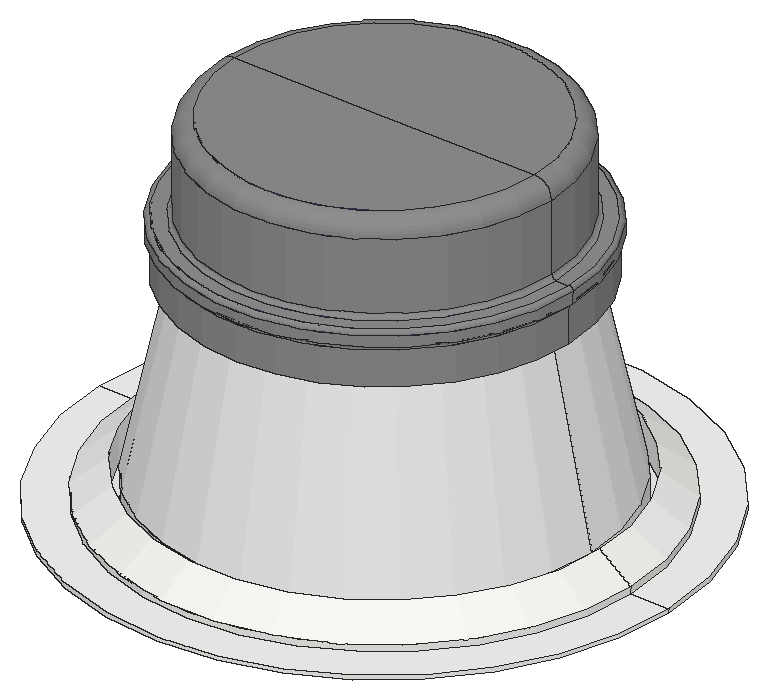
Revit family "50578_BEGA_Revit", category Lighting Fixtures, host Ceiling, Revit 2017
Family settings
  Host = Ceiling
  Round Connector Dimension = Use Diameter
  Part Type = Normal
  OmniClass Number = 23.80.70.11
  OmniClass Title = Luminaries for Internal Lighting
  Always vertical = Yes
  Cut with Voids When Loaded = No
  Light Source = Yes
  Shared = No
  Room Calculation Point = No
Parameters (values of type "STUDIO LINE - recessed ceiling luminaire")
  Wattage = 5.0962 W
  built-in parameter 1150110 = 1 (stored number, unit not read)
  built-in parameter 1114217 = 1 (stored number, unit not read)
  Tilt Angle = 90.00°
  built-in parameter 1150109 = 1 (stored number, unit not read)
  built-in parameter 1150134 = 12
  built-in parameter 1150113 = 1 (stored number, unit not read)
  Photometric Web File = "50576.2K4_BEGA_IES.ies"
  Model = "50 576"
  Manufacturer = "BEGA North America"
  Lumens = 757 lm
  built-in parameter 1150115 = 1 (stored number, unit not read)
  built-in parameter 1150105 = 60.24 (stored number, unit not read)
  built-in parameter 1150137 = (empty or 0)
  built-in parameter 1150139 = (empty or 0)
  built-in parameter 1150112 = 1 (stored number, unit not read)
  built-in parameter 1150114 = 1 (stored number, unit not read)
  built-in parameter 1150132 = 2
  built-in parameter 1150102 = (empty or 0)
  built-in parameter 1150138 = (empty or 0)
  built-in parameter 1150107 = 4000 (stored number, unit not read)
  built-in parameter 1150106 = 0.6024 (stored number, unit not read)
  built-in parameter 1150104 = 13.8 (stored number, unit not read)
  Dimming Lamp Color Temperature Shift = <None>
  Description = "STUDIO LINE - recessed ceiling luminaire"
  Color Filter = 16777215
  built-in parameter 1114218 = 1 (stored number, unit not read)
  built-in parameter 1150133 = 10 (stored number, unit not read)
Types (3): name | Wattage | Photometric Web File | Lumens | built-in parameter 1150105 | built-in parameter 1150106
  (no name) | 5.0962 W | "50576.2K4_BEGA_IES.ies" | 757 lm | 60.24 (stored number, unit not read) | 0.6024 (stored number, unit not read)
  Semi-Recessed ceiling luminaire | 23.2662 W | 0' - 0" | 3456 lm | 275.02 (stored number, unit not read) | 2.7502 (stored number, unit not read)
  STUDIO LINE - recessed ceiling luminaire | 5.0962 W | "50576.2K4_BEGA_IES.ies" | 757 lm | 60.24 (stored number, unit not read) | 0.6024 (stored number, unit not read)
Reference planes (in)
  plane 1 "Light Source Axis (F/B)": y = 0
  plane 2 "Ceiling": z = 96
  plane 3 "Light Source Axis (L/R)": x = 0
  plane 4 "Light Source Elevation": z = 97.62362
Lines and regions (in)
  Opening 1
    outline origin (0, 0, 96) x (1, 0, 0) y (0, 1, 0)
      loop
        circle (0, 0) r 2.36
Dimensions and locks (in)
  equal spacing: host sketch curve, plane 3 "Light Source Axis (L/R)", host sketch curve
  equal spacing: host sketch curve, plane 1 "Light Source Axis (F/B)", host sketch curve
  host sketch curve to host sketch curve = 10' - 0"  (x2)
  aligned and locked: plane 3 "Light Source Axis (L/R)" to imposter light
  aligned and locked: plane 1 "Light Source Axis (F/B)" to imposter light
  aligned and locked: plane 4 "Light Source Elevation" to imposter light
Nested families (in)
  nested 1: "50578" at (0, 0, 96), type "50578"
Definition of nested family "50578"
  Reference planes (in)
    plane 1 "Center (Front/Back)": y = 0
    plane 2: z = 0
    plane 3 "Center (Left/Right)": x = 0
  Forms (in)
    Revolve 1, solid
      sketch origin (0.00423, 0, 12.78364) x (1, 0, 0) y (0, 0, 1)
        loop
          line (0, -10) -> (1.33, -10) -> (1.33, -10.6889) -> (1.455, -10.6889) -> (1.455, -10.8659) -> (1.48625, -10.8659) -> (1.48625, -10.71268)
          arc (1.48625, -10.71268) -> (1.49321, -10.69586) -> (1.51003, -10.6889) r 0.02378
          line (1.51003, -10.6889) -> (1.57473, -10.6889) -> (1.57473, -10.92079) -> (1.55347, -10.95149)
          arc (1.55347, -10.95149) -> (1.54532, -10.96561) -> (1.54249, -10.98168) r 0.04697
          line (1.54249, -10.98168) -> (1.54249, -11.01469) -> (1.61144, -11.01469) -> (1.61144, -10.72564)
          arc (1.61144, -10.72564) -> (1.61916, -10.69968) -> (1.644, -10.6889) r 0.03204
          line (1.644, -10.6889) -> (1.644, -10.60118)
          arc (1.644, -10.60118) -> (1.63308, -10.57482) -> (1.60672, -10.5639) r 0.03728
          line (1.60672, -10.5639) -> (1.49144, -10.5639)
          arc (1.49144, -10.5639) -> (1.46567, -10.55323) -> (1.455, -10.52746) r 0.03644
          line (1.455, -10.52746) -> (1.455, -9.95027)
          arc (1.455, -9.95027) -> (1.41236, -9.84733) -> (1.30942, -9.80469) r 0.14558
          line (1.30942, -9.80469) -> (0, -9.80469) -> (0, -10)
        axis (0, -9.80469) -> (0, -11.01469)
      angle from 0 to 360
    Revolve 2, solid
      sketch origin (0.00423, 0, 13.41307) x (1, 0, 0) y (0, 0, 1)
        loop
          line (1.3189, -11.47306) -> (1.437, -11.47306) -> (1.437, -11.35506) -> (1.29156, -11.35506)
          arc (1.29156, -11.35506) -> (0.66547, -11.5898) -> (0, -11.65481) r 2.5661
          line (0, -11.65481) -> (0, -11.77206)
          arc (0, -11.77206) -> (0.6786, -11.70702) -> (1.3189, -11.47306) r 2.68328
        axis (0, -11.35506) -> (0, -11.77206)
      angle from 0 to 360
    Revolve 3, solid
      sketch origin (0, 0, 5.44) x (1, 0, 0) y (0, 0, 1)
        loop
          line (1.37, -3.5) -> (1.811, -5.516) -> (1.88629, -5.516) -> (1.88629, -5.45741) -> (1.811, -5.45741) -> (1.811, -5.24181) -> (1.42998, -3.5) -> (1.37, -3.5)
        axis (0, -3.5) -> (0, -5.516)
      angle from 0 to 360
    Revolve 4, solid
      sketch origin (0, 0, 6.88477) x (1, 0, 0) y (0, 0, 1)
        loop
          line (1.88629, -6.96076) -> (2.48534, -6.91887) -> (2.48534, -6.88477) -> (2.1546, -6.88477) -> (2.1546, -6.83289) -> (1.88629, -6.63078) -> (1.88629, -6.96076)
        axis (0, -6.63078) -> (0, -6.96076)
      angle from 0 to 360
  Dimensions and locks (in)
    aligned and locked: plane 2 to level
